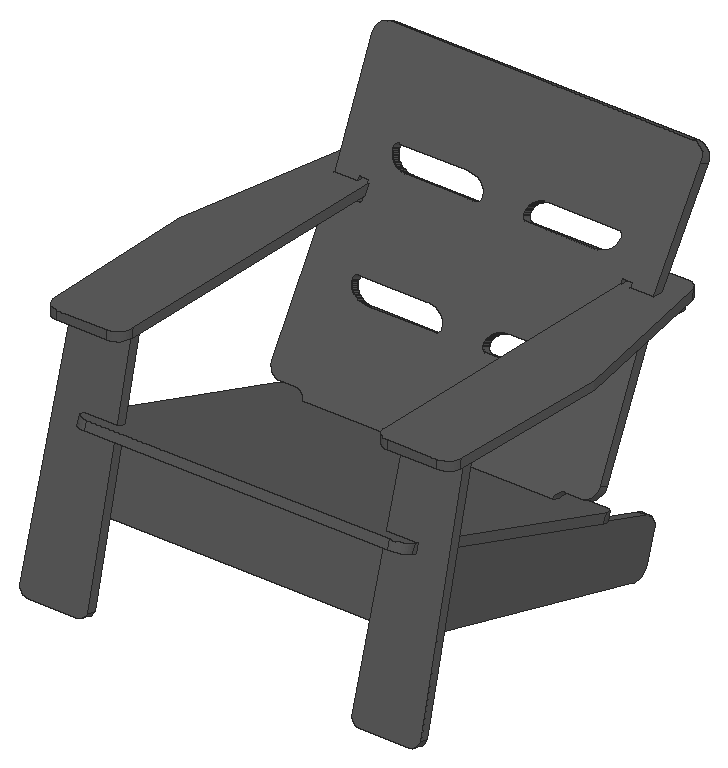
Revit family "Lollygagger Cabrio", category Furniture, Revit 2016 (continued)
Lines and regions (in)
  symbolic lines, style "Furniture", detail levels medium+fine
    curve 29: line (7.92498, 7.70387, 0) -> (7.80747, 7.70387, 0)
Dimensions and locks (in)
  "Height Top": plane 4 to level
  "Thick": plane 4 to plane 5
  "Width": plane 6 to plane 7
  equal spacing: plane 7, plane 1 "Center Front/Back", plane 6
  "Apron": plane 8 to plane 5
  plane 7 to plane 12 = 0' - 3.02222"
  plane 11 to plane 6 = 0' - 3.02246"
  equal spacing: plane 9, plane 3 "Center Left/Right", plane 10
  locked: plane 13 to plane 14 at 0.625
  locked: plane 10 to plane 13 at 3.375
  locked: plane 15 to plane 9 at 3.375
  locked: plane 15 to plane 16 at 0.625
  "Length": plane 9 to plane 10
  locked: plane 9 to plane 17 at 5.61081
  plane 18 to plane 10 = 0' - 5.61081"
  aligned and locked: level to plane 2
  aligned and locked: Masking region 2 to plane 5
  aligned and locked: plane 9 to Masking region 1
  aligned and locked: plane 4 to Masking region 1 sketch curve
  aligned and locked: Masking region 1 sketch curve to plane 5
  aligned and locked: plane 10 to Masking region 1 sketch curve
  aligned and locked: plane 22 to Masking region 3 sketch curve  (x2)
  aligned and locked: plane 4 to Masking region 3 sketch curve
  aligned and locked: Masking region 4 sketch curve to plane 17
  aligned and locked: Masking region 3 to plane 21
  aligned and locked: plane 5 to Masking region 3 sketch curve
  aligned and locked: plane 21 to Masking region 3 sketch curve
  aligned and locked: Masking region 3 to Masking region 5 sketch curve
  aligned and locked: Extrusion 1 to Masking region 7
  aligned and locked: Masking region 7 to plane 18
  aligned and locked: Masking region 7 sketch curve to Extrusion 3
  aligned and locked: Masking region 6 to plane 9
  aligned and locked: plane 17 to Masking region 6
  aligned and locked: Masking region 6 to plane 18
  aligned and locked: plane 10 to Masking region 6
  aligned and locked: plane 6 to Masking region 7
Automatic sketch dimensions
  Extrusion 12 sketch curve to Extrusion 12 sketch curve = 0' - 1"
  Extrusion 12 sketch curve to Extrusion 12 sketch curve = 0' - 0 1/4"
  Extrusion 12 sketch curve to Extrusion 12 sketch curve = 0' - 0"  (x3)
  Extrusion 12 sketch curve to Extrusion 12 sketch curve = 0' - 0 3/4"
  Extrusion 12 sketch curve to Extrusion 12 sketch curve = 0' - 0.095"
  Extrusion 9 sketch curve to Extrusion 9 sketch curve = 0' - 0"  (x3)
  Extrusion 9 sketch curve to plane 16 = 0' - 0 1/2"
  Extrusion 9 sketch curve to plane 12 = 0' - 1.95913"
  plane 15 to Extrusion 9 sketch curve = 0' - 0 5/8"
  Extrusion 9 sketch curve to Extrusion 9 sketch curve = 0' - 1.44968"
  Extrusion 9 sketch curve to plane 15 = 0' - 0 1/8"
  Extrusion 9 sketch curve to Extrusion 9 sketch curve = 0' - 0 1/4"  (x2)
  Extrusion 9 sketch curve to Extrusion 9 sketch curve = 0' - 0.155"
  Extrusion 12 sketch curve to plane 12 = 0' - 1.95913"
  plane 13 to Extrusion 12 sketch curve = 0' - 0 5/8"
  Extrusion 12 sketch curve to Extrusion 12 sketch curve = 0' - 1.44968"
  Extrusion 12 sketch curve to Extrusion 12 sketch curve = 0' - 1.69968"
  Extrusion 13 sketch curve to plane 14 = 0' - 0"
  Extrusion 13 sketch curve to plane 16 = 0' - 0"
  Extrusion 13 sketch curve to Extrusion 13 sketch curve = 0' - 3 1/2"
  Extrusion 16 sketch curve to Extrusion 16 sketch curve = 0' - 0"  (x2)
  Extrusion 16 sketch curve to plane 3 "Center Left/Right" = 0' - 0"  (x2)
  Extrusion 16 sketch curve to plane 3 "Center Left/Right" = 0' - 1"
  Extrusion 16 sketch curve to Extrusion 16 sketch curve = 0' - 0 3/8"
  Extrusion 16 sketch curve to Extrusion 16 sketch curve = 0' - 0.62895"
  Extrusion 16 sketch curve to plane 3 "Center Left/Right" = 0' - 0.155"
  plane 17 to curve 20 = 0' - 1.58921"
  curve 14 to plane 11 = 0' - 0.49655"
  plane 17 to curve 14 = 0' - 1.58921"
  curve 7 to curve 18 = 0' - 1.175"
  curve 4 to curve 2 = 0' - 1.175"
  curve 19 to plane 3 "Center Left/Right" = 0' - 3"
  curve 3 to plane 11 = 0' - 0.49655"
  curve 3 to plane 3 "Center Left/Right" = 0' - 3"
  curve 6 to curve 5 = 0' - 1.175"
  curve 3 to curve 16 = 0' - 1.175"
  plane 3 "Center Left/Right" to curve 9 = 0' - 1.82498"
  plane 3 "Center Left/Right" to curve 24 = 0' - 1.82498"
  curve 9 to plane 11 = 0' - 0.49655"
  curve 8 to curve 9 = 0' - 1.175"
  curve 11 to curve 25 = 0' - 1.175"
  curve 11 to plane 18 = 0' - 2.76421"
  curve 10 to plane 11 = 0' - 1.20076"
  curve 10 to plane 18 = 0' - 2.76421"
  curve 10 to plane 11 = 0' - 0.49655"
  curve 8 to curve 10 = 0' - 1.175"
  curve 11 to curve 13 = 0' - 1.175"
  curve 15 to plane 11 = 0' - 1.20076"
  curve 27 to curve 2 = 0' - 2.96354"
  curve 25 to curve 8 = 0' - 2.96354"
  curve 26 to curve 8 = 0' - 2.96354"
  curve 19 to curve 2 = 0' - 2.96354"
  curve 25 to curve 12 = 0' - 0.70421"
  curve 18 to curve 6 = 0' - 0.70421"
  curve 4 to curve 14 = 0' - 0.11751"
  curve 7 to curve 27 = 0' - 0.11751"
  curve 28 to curve 10 = 0' - 0.11751"
  curve 29 to curve 13 = 0' - 0.11751"
  curve 1 to plane 21 = 0' - 0"
  curve 1 to plane 22 = 0' - 0"
  plane 8 to curve 1 = 0' - 0.75265"
  plane 8 to curve 1 = 0' - 0.45923"
  Masking region 1 sketch curve to plane 4 = 0' - 0"
  Masking region 1 sketch curve to plane 9 = 0' - 0"
  Masking region 1 sketch curve to plane 5 = 0' - 0"
  plane 17 to Masking region 1 sketch curve = 0' - 0.32388"
  Masking region 1 sketch curve to plane 18 = 0' - 1 1/2"
  Masking region 2 sketch curve to plane 4 = 0' - 0"
  Masking region 2 sketch curve to plane 5 = 0' - 0"
  Masking region 2 sketch curve to plane 20 = 0' - 0"  (x2)
  plane 12 to Masking region 2 sketch curve = 0' - 0.97055"
  Masking region 2 sketch curve to Masking region 2 sketch curve = 0' - 0.3334"
  plane 12 to Masking region 2 sketch curve = 0' - 0.44321"
  Masking region 2 sketch curve to plane 12 = 0' - 1.86968"
  Masking region 2 sketch curve to plane 5 = 0' - 0.6243"
  Masking region 2 sketch curve to plane 12 = 0' - 1.98135"
  Masking region 2 sketch curve to Masking region 2 sketch curve = 0' - 1.55291"
  Masking region 2 sketch curve to plane 8 = 0' - 2.09357"
  plane 1 "Center Front/Back" to Masking region 2 sketch curve = 0' - 5.63387"
  plane 1 "Center Front/Back" to Masking region 2 sketch curve = 0' - 2.17732"
  Masking region 2 sketch curve to plane 1 "Center Front/Back" = 0' - 1.16673"
  level to Masking region 2 sketch curve = 0' - 0.10442"
  Masking region 2 sketch curve to plane 11 = 0' - 3.99082"
  Masking region 2 sketch curve to Masking region 2 sketch curve = 0' - 0.29237"
  Masking region 2 sketch curve to Masking region 2 sketch curve = 0' - 0.62325"
  Masking region 2 sketch curve to plane 8 = 0' - 2.07403"
  level to Masking region 2 sketch curve = 0' - 0.76002"
  Masking region 2 sketch curve to Masking region 2 sketch curve = 0' - 0.95372"  (x2)
  plane 11 to Masking region 2 sketch curve = 0' - 0.82021"
  level to Masking region 2 sketch curve = 0' - 2.23888"
  Masking region 2 sketch curve to Masking region 2 sketch curve = 0' - 1.25176"
  Masking region 2 sketch curve to plane 8 = 0' - 2.97051"
  Masking region 2 sketch curve to plane 8 = 0' - 0.76152"
  Masking region 3 sketch curve to level = 0' - 0"
  Masking region 3 sketch curve to plane 19 = 0' - 0"  (x2)
  Masking region 3 sketch curve to plane 21 = 0' - 0"
  Masking region 3 sketch curve to plane 12 = 0' - 2.14863"
  Masking region 3 sketch curve to Masking region 3 sketch curve = 0' - 0.64705"
  plane 7 to Masking region 3 sketch curve = 0' - 0.60733"
  Masking region 3 sketch curve to plane 5 = 0' - 0.6243"
  Masking region 3 sketch curve to plane 6 = 0' - 0.55547"
  Masking region 4 sketch curve to plane 18 = 0' - 0"
  Masking region 4 sketch curve to plane 17 = 0' - 0.1509"
  plane 12 to Masking region 4 sketch curve = 0' - 0.44321"  (x2)
  Masking region 4 sketch curve to plane 17 = 0' - 0.61156"
  Masking region 4 sketch curve to plane 16 = 0' - 0.18194"
  Masking region 4 sketch curve to plane 16 = 0' - 0.09498"
  Masking region 4 sketch curve to plane 16 = 0' - 0.05708"
  plane 15 to Masking region 4 sketch curve = 0' - 0.25353"
  plane 17 to Masking region 4 sketch curve = 0' - 0.01279"
  plane 17 to Masking region 4 sketch curve = 0' - 0.14199"
  plane 17 to Masking region 4 sketch curve = 0' - 0.36355"
  Masking region 4 sketch curve to Masking region 4 sketch curve = 0' - 0.35658"
  Masking region 4 sketch curve to Masking region 4 sketch curve = 0' - 0.09612"
  Masking region 4 sketch curve to Masking region 4 sketch curve = 0' - 0.03776"  (x2)
  Masking region 4 sketch curve to Masking region 4 sketch curve = 0' - 0.1346"
  Masking region 4 sketch curve to Masking region 4 sketch curve = 0' - 0.11612"  (x2)
  Masking region 4 sketch curve to Masking region 4 sketch curve = 0' - 0.0266"  (x2)
  plane 12 to Masking region 4 sketch curve = 0' - 1.14581"
  Masking region 4 sketch curve to plane 3 "Center Left/Right" = 0' - 3.62721"
  plane 3 "Center Left/Right" to Masking region 4 sketch curve = 0' - 3.62721"
  Masking region 4 sketch curve to plane 18 = 0' - 0.75589"
  Masking region 4 sketch curve to Masking region 4 sketch curve = 0' - 0.00732"
  Masking region 4 sketch curve to Masking region 4 sketch curve = 0' - 0.23072"
  Masking region 4 sketch curve to plane 18 = 0' - 0.36355"
  Masking region 4 sketch curve to plane 18 = 0' - 0.14199"
  Masking region 4 sketch curve to plane 18 = 0' - 0.01279"
  plane 18 to Masking region 4 sketch curve = 0' - 0.1509"
  plane 18 to Masking region 4 sketch curve = 0' - 0.61156"
  Masking region 4 sketch curve to plane 14 = 0' - 0.18194"
  Masking region 4 sketch curve to plane 14 = 0' - 0.09498"
  Masking region 4 sketch curve to plane 14 = 0' - 0.05708"
  plane 13 to Masking region 4 sketch curve = 0' - 0.25353"
  Masking region 4 sketch curve to Masking region 4 sketch curve = 0' - 0.96392"  (x2)
  Masking region 4 sketch curve to Masking region 4 sketch curve = 0' - 0.00243"  (x2)
  Masking region 4 sketch curve to Masking region 4 sketch curve = 0' - 0.97605"  (x2)
  plane 1 "Center Front/Back" to Masking region 4 sketch curve = 0' - 3.04445"  (x2)
  Masking region 4 sketch curve to plane 1 "Center Front/Back" = 0' - 3.22725"  (x2)
  Masking region 4 sketch curve to Masking region 4 sketch curve = 0' - 0.4379"
  Masking region 4 sketch curve to Masking region 4 sketch curve = 0' - 0.02683"  (x2)
  Masking region 4 sketch curve to Masking region 4 sketch curve = 0' - 0.02359"  (x2)
  Masking region 4 sketch curve to Masking region 4 sketch curve = 0' - 0.0823"  (x2)
  Masking region 4 sketch curve to Masking region 4 sketch curve = 0' - 0.17382"  (x2)
  Masking region 4 sketch curve to Masking region 4 sketch curve = 0' - 0.22104"  (x2)
  Masking region 4 sketch curve to Masking region 4 sketch curve = 0' - 0.13983"  (x2)
  Masking region 4 sketch curve to Masking region 4 sketch curve = 0' - 0.26217"  (x2)
  Masking region 5 sketch curve to plane 20 = 0' - 0"  (x4)
  Masking region 5 sketch curve to plane 19 = 0' - 0"  (x2)
  Masking region 5 sketch curve to plane 5 = 0' - 0"  (x2)
  Masking region 5 sketch curve to plane 12 = 0' - 2.03167"
  Masking region 5 sketch curve to plane 5 = 0' - 0.6243"  (x2)
  Masking region 5 sketch curve to Masking region 5 sketch curve = 0' - 0.16198"
  Masking region 5 sketch curve to plane 12 = 0' - 0.0079"
  plane 12 to Masking region 5 sketch curve = 0' - 0.15409"
  plane 12 to Masking region 5 sketch curve = 0' - 1.21643"
  Masking region 5 sketch curve to Masking region 5 sketch curve = 0' - 2.51019"
  Masking region 5 sketch curve to plane 8 = 0' - 1.02138"
  Masking region 5 sketch curve to plane 11 = 0' - 2.85252"
  plane 11 to Masking region 5 sketch curve = 0' - 0.19551"
  plane 18 to Extrusion 1 sketch curve = 0' - 0.77897"
  Extrusion 1 sketch curve to Extrusion 1 sketch curve = 0' - 0.77749"
  Extrusion 1 sketch curve to Extrusion 1 sketch curve = 0' - 0.88224"
  Extrusion 1 sketch curve to Extrusion 1 sketch curve = 0' - 11.55933"
  Extrusion 1 sketch curve to Extrusion 1 sketch curve = 0' - 11.45458"
  plane 18 to Extrusion 1 sketch curve = 0' - 0.29671"
  Extrusion 1 sketch curve to Extrusion 1 sketch curve = 1' - 4.98479"
  Extrusion 1 sketch curve to plane 9 = 13' - 7.15827"
  Extrusion 1 sketch curve to plane 10 = 0' - 1.4072"
  Extrusion 1 sketch curve to plane 10 = 0' - 0.93591"
  plane 10 to Extrusion 1 sketch curve = 15' - 7.15827"
  Extrusion 2 sketch curve to plane 1 "Center Front/Back" = 0' - 0.18838"
  Extrusion 2 sketch curve to plane 9 = 10' - 11 9/16"
  plane 1 "Center Front/Back" to Extrusion 2 sketch curve = 0' - 4.29022"
  Extrusion 2 sketch curve to plane 9 = 2' - 2.34884"
  plane 18 to Extrusion 2 sketch curve = 0' - 0.33737"
  Extrusion 2 sketch curve to plane 11 = 0' - 0.17979"  (x2)
  plane 18 to Extrusion 2 sketch curve = 0' - 0.62723"  (x2)
  Extrusion 2 sketch curve to plane 13 = 0' - 0.21437"
  plane 13 to Extrusion 2 sketch curve = 0' - 0.08551"
  Extrusion 2 sketch curve to plane 12 = 0' - 0.55679"  (x2)
  Extrusion 2 sketch curve to plane 10 = 0' - 1.39104"
  plane 12 to Extrusion 2 sketch curve = 0' - 0.44321"
  Extrusion 2 sketch curve to Extrusion 2 sketch curve = 0' - 1.75234"
  Extrusion 2 sketch curve to Extrusion 2 sketch curve = 0' - 0.78067"
  plane 11 to Extrusion 2 sketch curve = 0' - 0.82021"
  Extrusion 2 sketch curve to Extrusion 2 sketch curve = 0' - 0"  (x2)
  Extrusion 3 sketch curve to plane 1 "Center Front/Back" = 0' - 0.18838"
  plane 10 to Extrusion 3 sketch curve = 10' - 11 9/16"
  plane 1 "Center Front/Back" to Extrusion 3 sketch curve = 0' - 4.29022"
  plane 10 to Extrusion 3 sketch curve = 2' - 2.34884"
  Extrusion 3 sketch curve to plane 17 = 0' - 0.33737"
  Extrusion 3 sketch curve to plane 11 = 0' - 0.17979"  (x2)
  Extrusion 3 sketch curve to plane 17 = 0' - 0.62723"  (x2)
  Extrusion 3 sketch curve to plane 15 = 0' - 0.21437"
  plane 15 to Extrusion 3 sketch curve = 0' - 0.08551"
  Extrusion 3 sketch curve to plane 12 = 0' - 0.55679"  (x2)
  plane 9 to Extrusion 3 sketch curve = 0' - 1.39104"
  plane 11 to Extrusion 3 sketch curve = 0' - 0.82021"
  Extrusion 3 sketch curve to Extrusion 3 sketch curve = 0' - 0.97166"
  Extrusion 3 sketch curve to Extrusion 3 sketch curve = 0' - 0.78067"
  plane 12 to Extrusion 3 sketch curve = 0' - 0.44321"
  Extrusion 3 sketch curve to Extrusion 3 sketch curve = 0' - 0"  (x2)
  Extrusion 4 sketch curve to plane 17 = 0' - 0.77897"
  Extrusion 4 sketch curve to Extrusion 4 sketch curve = 0' - 0.77749"
  Extrusion 4 sketch curve to Extrusion 4 sketch curve = 0' - 0.88224"
  Extrusion 4 sketch curve to Extrusion 4 sketch curve = 0' - 11.55933"
  Extrusion 4 sketch curve to Extrusion 4 sketch curve = 0' - 11.45458"
  Extrusion 4 sketch curve to plane 17 = 0' - 0.29671"
  Extrusion 4 sketch curve to Extrusion 4 sketch curve = 1' - 4.98479"
  plane 9 to Extrusion 4 sketch curve = 0' - 1.4072"
  plane 9 to Extrusion 4 sketch curve = 0' - 0.93591"
  Extrusion 4 sketch curve to plane 9 = 15' - 7.15827"
  plane 10 to Extrusion 4 sketch curve = 13' - 7.15827"
  Extrusion 5 sketch curve to Extrusion 5 sketch curve = 0' - 0"  (x7)
  Extrusion 5 sketch curve to plane 18 = 0' - 0.76419"
  Extrusion 5 sketch curve to Extrusion 5 sketch curve = 0' - 0 1/4"  (x2)
  Extrusion 5 sketch curve to Extrusion 5 sketch curve = 0' - 0 5/8"  (x2)
  Extrusion 5 sketch curve to plane 17 = 0' - 0.23581"
  Extrusion 5 sketch curve to Extrusion 5 sketch curve = 0' - 3"  (x2)
  plane 18 to Extrusion 5 sketch curve = 0' - 0.23581"
  Extrusion 5 sketch curve to plane 16 = 0' - 0.26501"
  Extrusion 5 sketch curve to Extrusion 5 sketch curve = 0' - 0 3/4"
  Extrusion 5 sketch curve to plane 14 = 0' - 0.26501"
  Extrusion 5 sketch curve to Extrusion 5 sketch curve = 0' - 1"  (x3)
  Extrusion 5 sketch curve to plane 3 "Center Left/Right" = 0' - 2.99992"  (x2)
  Extrusion 5 sketch curve to Extrusion 5 sketch curve = 0' - 6.00126"
  Extrusion 5 sketch curve to Extrusion 5 sketch curve = 0' - 0.01821"  (x8)
  Extrusion 5 sketch curve to Extrusion 5 sketch curve = 0' - 0.02797"  (x8)
  Extrusion 5 sketch curve to Extrusion 5 sketch curve = 0' - 0.04159"  (x8)
  Extrusion 5 sketch curve to Extrusion 5 sketch curve = 0' - 0.05553"  (x8)
  Extrusion 5 sketch curve to Extrusion 5 sketch curve = 0' - 0.06665"  (x8)
  Extrusion 5 sketch curve to Extrusion 5 sketch curve = 0' - 0.07448"  (x8)
  Extrusion 5 sketch curve to Extrusion 5 sketch curve = 0' - 0.07755"  (x8)
  Extrusion 5 sketch curve to Extrusion 5 sketch curve = 0' - 0.08518"  (x8)
  Extrusion 5 sketch curve to Extrusion 5 sketch curve = 0' - 0.45255"  (x2)
  plane 17 to Extrusion 5 sketch curve = 0' - 2.76415"
  Extrusion 5 sketch curve to Extrusion 5 sketch curve = 0' - 0.07473"  (x8)
  Extrusion 5 sketch curve to Extrusion 5 sketch curve = 0' - 0.07366"  (x8)
  Extrusion 5 sketch curve to Extrusion 5 sketch curve = 0' - 0.07289"  (x8)
  Extrusion 5 sketch curve to Extrusion 5 sketch curve = 0' - 0.0669"  (x8)
  Extrusion 5 sketch curve to Extrusion 5 sketch curve = 0' - 0.05075"  (x8)
  Extrusion 5 sketch curve to Extrusion 5 sketch curve = 0' - 0.03092"  (x8)
  Extrusion 5 sketch curve to Extrusion 5 sketch curve = 0' - 0.325"  (x6)
  Extrusion 5 sketch curve to Extrusion 5 sketch curve = 0' - 0.02786"  (x8)
  Extrusion 5 sketch curve to Extrusion 5 sketch curve = 0' - 0.02071"  (x8)
  Extrusion 5 sketch curve to Extrusion 5 sketch curve = 0' - 0.00593"  (x8)
  Extrusion 5 sketch curve to Extrusion 5 sketch curve = 0' - 0.00204"  (x8)
  Extrusion 5 sketch curve to Extrusion 5 sketch curve = 0' - 0.05"  (x8)
  plane 17 to Extrusion 5 sketch curve = 0' - 1.26421"  (x2)
  Extrusion 5 sketch curve to Extrusion 5 sketch curve = 0' - 1 1/8"  (x4)
  Extrusion 5 sketch curve to plane 18 = 0' - 1.26419"  (x2)
  Extrusion 5 sketch curve to Extrusion 5 sketch curve = 0' - 0.00017"  (x4)
  Extrusion 5 sketch curve to Extrusion 5 sketch curve = 0' - 1.15385"  (x2)
  Extrusion 5 sketch curve to Extrusion 5 sketch curve = 0' - 9.36804"  (x2)
  Extrusion 5 sketch curve to Extrusion 5 sketch curve = 0' - 0.00696"  (x2)
  plane 14 to Extrusion 5 sketch curve = 0' - 0.25174"
  Extrusion 5 sketch curve to Extrusion 5 sketch curve = 0' - 3.72833"  (x2)
  plane 16 to Extrusion 5 sketch curve = 0' - 0.25174"
  Extrusion 5 sketch curve to Extrusion 5 sketch curve = 0' - 0 1/8"  (x2)
  Extrusion 5 sketch curve to plane 15 = 0' - 0.2404"
  Extrusion 5 sketch curve to Extrusion 5 sketch curve = 0' - 0.79736"  (x2)
  plane 18 to Extrusion 5 sketch curve = 0' - 0.35299"
  Extrusion 5 sketch curve to Extrusion 5 sketch curve = 0' - 0.61411"  (x2)
  plane 17 to Extrusion 5 sketch curve = 0' - 0.32388"
  Extrusion 5 sketch curve to Extrusion 5 sketch curve = 0' - 5.81377"  (x2)
  Extrusion 5 sketch curve to Extrusion 5 sketch curve = 0' - 0.05156"  (x2)
  Extrusion 5 sketch curve to plane 16 = 0' - 0.21532"
  Extrusion 5 sketch curve to Extrusion 5 sketch curve = 0' - 5 5/16"  (x2)
  Extrusion 5 sketch curve to plane 14 = 0' - 0.21532"
  Extrusion 5 sketch curve to plane 9 = 9' - 9.51528"
  Extrusion 5 sketch curve to Extrusion 5 sketch curve = 0' - 0.10972"  (x2)
  Extrusion 5 sketch curve to plane 17 = 0' - 0.35299"
  Extrusion 5 sketch curve to Extrusion 5 sketch curve = 0' - 0.52123"  (x6)
  Extrusion 5 sketch curve to Extrusion 5 sketch curve = 0' - 0.01695"  (x8)
  Extrusion 5 sketch curve to Extrusion 5 sketch curve = 0' - 0.02298"  (x8)
  Extrusion 5 sketch curve to Extrusion 5 sketch curve = 0' - 0.05559"  (x8)
  Extrusion 5 sketch curve to Extrusion 5 sketch curve = 0' - 0.05566"  (x8)
  Extrusion 5 sketch curve to Extrusion 5 sketch curve = 0' - 0.04853"  (x8)
  Extrusion 5 sketch curve to Extrusion 5 sketch curve = 0' - 0.06373"  (x8)
  Extrusion 5 sketch curve to Extrusion 5 sketch curve = 0' - 0.07027"  (x8)
  Extrusion 5 sketch curve to Extrusion 5 sketch curve = 0' - 0.06429"  (x8)
  Extrusion 5 sketch curve to Extrusion 5 sketch curve = 0' - 0.05506"  (x8)
  Extrusion 5 sketch curve to Extrusion 5 sketch curve = 0' - 0.04716"  (x8)
  Extrusion 5 sketch curve to Extrusion 5 sketch curve = 0' - 0.04572"  (x8)
  Extrusion 5 sketch curve to Extrusion 5 sketch curve = 0' - 0.03488"  (x8)
  Extrusion 5 sketch curve to Extrusion 5 sketch curve = 0' - 0.02779"  (x8)
  Extrusion 5 sketch curve to Extrusion 5 sketch curve = 0' - 0.02019"  (x8)
  Extrusion 5 sketch curve to Extrusion 5 sketch curve = 0' - 0.01318"  (x8)
  Extrusion 5 sketch curve to Extrusion 5 sketch curve = 0' - 0.00736"  (x8)
  Extrusion 5 sketch curve to Extrusion 5 sketch curve = 0' - 0.00326"  (x7)
  Extrusion 5 sketch curve to Extrusion 5 sketch curve = 0' - 0.00109"  (x8)
  Extrusion 5 sketch curve to Extrusion 5 sketch curve = 0' - 3 3/4"  (x2)
  plane 3 "Center Left/Right" to Extrusion 5 sketch curve = 0' - 1 1/2"  (x2)
  Extrusion 5 sketch curve to Extrusion 5 sketch curve = 0' - 1.17494"  (x2)
  Extrusion 5 sketch curve to plane 18 = 0' - 0.32388"
  Extrusion 5 sketch curve to plane 13 = 0' - 0.2404"
  plane 10 to Extrusion 5 sketch curve = 9' - 9.51528"
  Extrusion 5 sketch curve to Extrusion 5 sketch curve = 0' - 0.00324"  (x4)
  Extrusion 5 sketch curve to Extrusion 5 sketch curve = 0' - 0.00973"  (x4)
  Extrusion 5 sketch curve to Extrusion 5 sketch curve = 0' - 0.01624"  (x8)
  Extrusion 5 sketch curve to Extrusion 5 sketch curve = 0' - 0.02278"  (x8)
  Extrusion 5 sketch curve to Extrusion 5 sketch curve = 0' - 0.02935"  (x8)
  Extrusion 5 sketch curve to Extrusion 5 sketch curve = 0' - 0.03594"  (x8)
  Extrusion 5 sketch curve to Extrusion 5 sketch curve = 0' - 0.04254"  (x8)
  Extrusion 5 sketch curve to Extrusion 5 sketch curve = 0' - 0.04916"  (x8)
  Extrusion 5 sketch curve to Extrusion 5 sketch curve = 0' - 0.05581"  (x8)
  Extrusion 5 sketch curve to Extrusion 5 sketch curve = 0' - 0.0624"  (x8)
  Extrusion 5 sketch curve to Extrusion 5 sketch curve = 0' - 0.06877"  (x8)
  Extrusion 5 sketch curve to Extrusion 5 sketch curve = 0' - 0.0749"  (x8)
  Extrusion 5 sketch curve to Extrusion 5 sketch curve = 0' - 0.10173"  (x4)
  Extrusion 5 sketch curve to Extrusion 5 sketch curve = 0' - 0.0808"  (x8)
  Extrusion 5 sketch curve to Extrusion 5 sketch curve = 0' - 0.10061"  (x4)
  Extrusion 5 sketch curve to Extrusion 5 sketch curve = 0' - 0.08634"  (x8)
  Extrusion 5 sketch curve to Extrusion 5 sketch curve = 0' - 0.09837"  (x8)
  Extrusion 5 sketch curve to Extrusion 5 sketch curve = 0' - 0.09115"  (x8)
  Extrusion 5 sketch curve to Extrusion 5 sketch curve = 0' - 0.09515"  (x8)
  Extrusion 5 sketch curve to Extrusion 5 sketch curve = 0' - 0.155"  (x2)
  Extrusion 6 sketch curve to plane 3 "Center Left/Right" = 0' - 0"  (x2)
  plane 18 to Extrusion 6 sketch curve = 0' - 0.34698"
  Extrusion 6 sketch curve to Extrusion 6 sketch curve = 0' - 0.26"  (x4)
  Extrusion 6 sketch curve to plane 14 = 0' - 0.165"
  Extrusion 6 sketch curve to plane 14 = 0' - 0 1/8"  (x2)
  Extrusion 6 sketch curve to plane 14 = 0' - 0.04"
  plane 14 to Extrusion 6 sketch curve = 0' - 0.22"
  plane 13 to Extrusion 6 sketch curve = 0' - 0 1/8"
  plane 13 to Extrusion 6 sketch curve = 0' - 0 1/4"  (x2)
  Extrusion 6 sketch curve to plane 17 = 0' - 0.34698"
  Extrusion 6 sketch curve to plane 16 = 0' - 0.165"
  Extrusion 6 sketch curve to plane 16 = 0' - 0 1/8"  (x2)
  Extrusion 6 sketch curve to plane 16 = 0' - 0.04"
  plane 16 to Extrusion 6 sketch curve = 0' - 0.22"
  plane 15 to Extrusion 6 sketch curve = 0' - 0 1/8"
  plane 15 to Extrusion 6 sketch curve = 0' - 0 1/4"  (x2)
  Extrusion 6 sketch curve to Extrusion 6 sketch curve = 16' - 0.87408"
  Extrusion 6 sketch curve to Extrusion 6 sketch curve = 0' - 0.99838"
  Extrusion 6 sketch curve to Extrusion 6 sketch curve = 0' - 0.28211"  (x2)
  Extrusion 6 sketch curve to Extrusion 6 sketch curve = 0' - 0.15229"  (x2)
  Extrusion 6 sketch curve to Extrusion 6 sketch curve = 0' - 1.14"  (x2)
  Extrusion 6 sketch curve to Extrusion 6 sketch curve = 1' - 3.52244"  (x2)
  Extrusion 6 sketch curve to Extrusion 6 sketch curve = 15' - 11.8757"
  Extrusion 6 sketch curve to Extrusion 6 sketch curve = 0' - 0"  (x2)
  Extrusion 7 sketch curve to Extrusion 7 sketch curve = 0' - 0"  (x5)
  Extrusion 3 to Extrusion 7 sketch curve = 0' - 0.6247"
  Extrusion 3 to Extrusion 7 sketch curve = 0' - 0.29469"
  Extrusion 3 to Extrusion 7 sketch curve = 0' - 0.65946"  (x2)
  Extrusion 7 sketch curve to Extrusion 3 = 0' - 0.28468"
  Extrusion 3 to Extrusion 7 sketch curve = 0' - 0.40938"
  Extrusion 7 sketch curve to Extrusion 3 = 0' - 0.23108"
  Extrusion 3 to Extrusion 7 sketch curve = 0' - 10.05986"  (x2)
  Extrusion 7 sketch curve to Extrusion 7 sketch curve = 13' - 0.14327"
  Extrusion 7 sketch curve to Extrusion 3 = 0' - 0.55235"  (x2)
  Extrusion 3 to Extrusion 7 sketch curve = 13' - 0.54425"
  Extrusion 7 sketch curve to Extrusion 7 sketch curve = 0' - 0.155"
  Extrusion 8 sketch curve to Extrusion 8 sketch curve = 0' - 0"  (x6)
  Extrusion 3 to Extrusion 8 sketch curve = 0' - 0.6247"
  Extrusion 3 to Extrusion 8 sketch curve = 0' - 0.65946"  (x2)
  Extrusion 3 to Extrusion 8 sketch curve = 0' - 0.40938"
  Extrusion 8 sketch curve to Extrusion 3 = 0' - 0.23108"
  Extrusion 3 to Extrusion 8 sketch curve = 0' - 10.05986"  (x2)
  Extrusion 3 to Extrusion 8 sketch curve = 11' - 3.15706"
  Extrusion 3 to Extrusion 8 sketch curve = 1' - 7.9878"
  Extrusion 8 sketch curve to Extrusion 8 sketch curve = 0' - 0.84704"  (x2)
  Extrusion 8 sketch curve to Extrusion 8 sketch curve = 13' - 0.14327"
  Extrusion 8 sketch curve to Extrusion 8 sketch curve = 0' - 0.155"
  Extrusion 10 sketch curve to plane 20 = 0' - 0"  (x2)
  Extrusion 10 sketch curve to plane 7 = 1' - 5.04016"
  Extrusion 10 sketch curve to level = 9' - 5.47521"
  level to Extrusion 10 sketch curve = 0' - 0.76002"
  Extrusion 10 sketch curve to Extrusion 10 sketch curve = 0' - 0.30071"  (x2)
  Extrusion 10 sketch curve to Extrusion 10 sketch curve = 0' - 1.97669"
  Extrusion 10 sketch curve to Extrusion 10 sketch curve = 0' - 0.95106"
  Extrusion 10 sketch curve to plane 8 = 0' - 0.76475"
  Extrusion 10 sketch curve to Extrusion 10 sketch curve = 0' - 0.09256"
  Extrusion 10 sketch curve to plane 12 = 0' - 2.10434"
  Extrusion 10 sketch curve to Extrusion 10 sketch curve = 0' - 0.24727"
  Extrusion 10 sketch curve to plane 12 = 0' - 1.93354"
  Extrusion 10 sketch curve to Extrusion 10 sketch curve = 0' - 0.06729"
  Extrusion 10 sketch curve to plane 5 = 0' - 0.6243"
  Extrusion 10 sketch curve to plane 11 = 0' - 2.74473"
  Extrusion 10 sketch curve to Extrusion 10 sketch curve = 0' - 0.6447"
  Extrusion 10 sketch curve to Extrusion 10 sketch curve = 0' - 0.95372"
  Extrusion 10 sketch curve to plane 12 = 0' - 3.53426"
  Extrusion 10 sketch curve to Extrusion 10 sketch curve = 0' - 1.55291"
  plane 12 to Extrusion 10 sketch curve = 0' - 0.62513"
  Extrusion 11 sketch curve to plane 20 = 0' - 0"  (x2)
  Extrusion 11 sketch curve to plane 7 = 1' - 5.04016"
  Extrusion 11 sketch curve to level = 9' - 5.47521"
  level to Extrusion 11 sketch curve = 0' - 0.76002"
  Extrusion 11 sketch curve to Extrusion 11 sketch curve = 0' - 0.30071"  (x2)
  Extrusion 11 sketch curve to Extrusion 11 sketch curve = 0' - 1.97669"
  Extrusion 11 sketch curve to Extrusion 11 sketch curve = 0' - 0.95106"
  Extrusion 11 sketch curve to plane 8 = 0' - 0.76475"
  Extrusion 11 sketch curve to Extrusion 11 sketch curve = 0' - 0.09256"
  Extrusion 11 sketch curve to plane 12 = 0' - 2.10434"
  Extrusion 11 sketch curve to Extrusion 11 sketch curve = 0' - 0.24727"
  Extrusion 11 sketch curve to plane 12 = 0' - 1.93354"
  Extrusion 11 sketch curve to Extrusion 11 sketch curve = 0' - 0.06729"
  Extrusion 11 sketch curve to plane 5 = 0' - 0.6243"
  Extrusion 11 sketch curve to plane 11 = 0' - 2.74473"
  Extrusion 11 sketch curve to Extrusion 11 sketch curve = 0' - 0.6447"
  Extrusion 11 sketch curve to Extrusion 11 sketch curve = 0' - 0.95372"
  Extrusion 11 sketch curve to plane 12 = 0' - 3.53426"
  Extrusion 11 sketch curve to Extrusion 11 sketch curve = 0' - 1.55291"
  plane 12 to Extrusion 11 sketch curve = 0' - 0.62513"
  Extrusion 14 sketch curve to Extrusion 14 sketch curve = 0' - 0"  (x3)
  Extrusion 14 sketch curve to plane 22 = 0' - 0"
  Extrusion 14 sketch curve to plane 21 = 0' - 0 1/16"
  plane 21 to Extrusion 14 sketch curve = 0' - 0 5/16"
  level to Extrusion 14 sketch curve = 0' - 2.87958"
  Extrusion 14 sketch curve to Extrusion 14 sketch curve = 0' - 1"
  Extrusion 14 sketch curve to Extrusion 14 sketch curve = 0' - 0.155"
  Extrusion 15 sketch curve to Extrusion 15 sketch curve = 0' - 0"  (x3)
  Extrusion 15 sketch curve to plane 22 = 0' - 0"
  Extrusion 15 sketch curve to plane 21 = 0' - 0 1/16"
  plane 21 to Extrusion 15 sketch curve = 0' - 0 5/16"
  level to Extrusion 15 sketch curve = 0' - 2.87958"
  Extrusion 15 sketch curve to Extrusion 15 sketch curve = 0' - 1"
  Extrusion 15 sketch curve to Extrusion 15 sketch curve = 0' - 0.155"
  Extrusion 17 sketch curve to Extrusion 17 sketch curve = 0' - 0"  (x8)
  Extrusion 17 sketch curve to plane 14 = 0' - 0"
  Extrusion 17 sketch curve to plane 16 = 0' - 0"
  Extrusion 17 sketch curve to plane 14 = 0' - 0 1/2"  (x2)
  Extrusion 17 sketch curve to plane 14 = 0' - 0 9/16"
  Extrusion 17 sketch curve to Extrusion 17 sketch curve = 0' - 0 1/4"  (x2)
  Extrusion 17 sketch curve to Extrusion 17 sketch curve = 0' - 0 1/8"  (x2)
  Extrusion 17 sketch curve to plane 18 = 0' - 2.06669"
  Extrusion 17 sketch curve to Extrusion 17 sketch curve = 0' - 0.26"  (x2)
  plane 17 to Extrusion 17 sketch curve = 0' - 2.32669"
  Extrusion 17 sketch curve to plane 17 = 0' - 0.67331"
  Extrusion 17 sketch curve to plane 16 = 0' - 0 1/2"  (x2)
  Extrusion 17 sketch curve to Extrusion 17 sketch curve = 0' - 0 3/4"  (x2)
  Extrusion 17 sketch curve to Extrusion 17 sketch curve = 0' - 2 3/8"  (x2)
  Extrusion 17 sketch curve to Extrusion 17 sketch curve = 0' - 0 5/8"  (x2)
  Extrusion 17 sketch curve to Extrusion 17 sketch curve = 0' - 0.83764"  (x2)
  Extrusion 17 sketch curve to Extrusion 17 sketch curve = 0' - 0.0525"
  Extrusion 17 sketch curve to Extrusion 17 sketch curve = 0' - 0.155"  (x4)
  Masking region 6 sketch curve to plane 9 = 0' - 0"
  Masking region 6 sketch curve to plane 17 = 0' - 0"
  Masking region 6 sketch curve to plane 18 = 0' - 0"
  Masking region 6 sketch curve to plane 10 = 0' - 0"
  plane 9 to Masking region 6 sketch curve = 0' - 0.40131"
  plane 9 to Masking region 6 sketch curve = 0' - 0.42128"
  plane 9 to Masking region 6 sketch curve = 0' - 1.17452"
  plane 12 to Masking region 6 sketch curve = 0' - 0.44321"  (x2)
  Masking region 6 sketch curve to Masking region 6 sketch curve = 0' - 0.98468"
  Masking region 6 sketch curve to plane 11 = 0' - 0.35469"  (x2)
  plane 15 to Masking region 6 sketch curve = 0' - 1.16112"
  plane 11 to Masking region 6 sketch curve = 0' - 0.11172"  (x2)
  Masking region 6 sketch curve to Masking region 6 sketch curve = 0' - 0.12124"  (x2)
  Masking region 6 sketch curve to plane 11 = 0' - 0.07597"  (x2)
  plane 15 to Masking region 6 sketch curve = 0' - 0.22855"
  Masking region 6 sketch curve to Masking region 6 sketch curve = 0' - 0.08378"  (x2)
  Masking region 6 sketch curve to Masking region 6 sketch curve = 0' - 0.04976"  (x2)
  Masking region 6 sketch curve to plane 15 = 0' - 0.00051"
  Masking region 6 sketch curve to plane 15 = 0' - 0.01647"
  Masking region 6 sketch curve to plane 11 = 0' - 0.01236"  (x2)
  Masking region 6 sketch curve to plane 15 = 0' - 0.11512"
  Masking region 6 sketch curve to plane 15 = 0' - 0.21437"
  Masking region 6 sketch curve to plane 17 = 0' - 0.61156"
  Masking region 6 sketch curve to plane 17 = 0' - 0.33737"
  plane 17 to Masking region 6 sketch curve = 0' - 0.30033"
  plane 17 to Masking region 6 sketch curve = 0' - 0.36355"
  Masking region 6 sketch curve to plane 18 = 0' - 0.36355"
  Masking region 6 sketch curve to plane 18 = 0' - 0.30033"
  plane 18 to Masking region 6 sketch curve = 0' - 0.33737"
  plane 18 to Masking region 6 sketch curve = 0' - 0.61156"
  Masking region 6 sketch curve to plane 13 = 0' - 0.21437"
  Masking region 6 sketch curve to plane 13 = 0' - 0.11512"
  Masking region 6 sketch curve to plane 13 = 0' - 0.01647"
  Masking region 6 sketch curve to plane 13 = 0' - 0.00051"
  plane 13 to Masking region 6 sketch curve = 0' - 0.09501"
  Masking region 6 sketch curve to Masking region 6 sketch curve = 0' - 0.81132"
  Masking region 6 sketch curve to plane 10 = 0' - 1.38599"
  Masking region 6 sketch curve to plane 10 = 0' - 1.17452"
  Masking region 6 sketch curve to plane 10 = 0' - 0.42128"
  Masking region 6 sketch curve to plane 10 = 0' - 0.40131"
  Masking region 6 sketch curve to plane 12 = 0' - 0.45908"  (x2)
  Masking region 6 sketch curve to Masking region 6 sketch curve = 0' - 0.97605"  (x2)
  Masking region 6 sketch curve to Masking region 6 sketch curve = 0' - 4.58696"  (x2)
  plane 1 "Center Front/Back" to Masking region 6 sketch curve = 0' - 3.04445"  (x2)
  plane 1 "Center Front/Back" to Masking region 6 sketch curve = 0' - 1.90085"  (x2)
  Masking region 6 sketch curve to plane 1 "Center Front/Back" = 0' - 2.97859"  (x2)
  Masking region 6 sketch curve to plane 1 "Center Front/Back" = 0' - 4.0189"  (x2)
  Masking region 6 sketch curve to Masking region 6 sketch curve = 0' - 4.07964"  (x2)
  Masking region 6 sketch curve to plane 11 = 0' - 1.93212"
  Masking region 6 sketch curve to Masking region 6 sketch curve = 0' - 1.85616"
  Masking region 6 sketch curve to Masking region 6 sketch curve = 0' - 0.2395"  (x2)
  Masking region 6 sketch curve to Masking region 6 sketch curve = 0' - 0.34093"  (x2)
  Masking region 6 sketch curve to plane 11 = 0' - 0.31303"  (x2)
  Masking region 6 sketch curve to Masking region 6 sketch curve = 0' - 0.08404"  (x2)
  Masking region 6 sketch curve to Masking region 6 sketch curve = 0' - 0.04366"  (x2)
  plane 11 to Masking region 6 sketch curve = 0' - 0.82021"  (x2)
  Masking region 6 sketch curve to Masking region 6 sketch curve = 0' - 0.08573"  (x2)
  Masking region 6 sketch curve to Masking region 6 sketch curve = 0' - 0.13521"
  Masking region 6 sketch curve to Masking region 6 sketch curve = 0' - 0.27531"
  plane 15 to Masking region 6 sketch curve = 0' - 0.08674"
  Masking region 6 sketch curve to Masking region 6 sketch curve = 0' - 0.00124"  (x2)
  plane 13 to Masking region 6 sketch curve = 0' - 0.08551"
  Masking region 6 sketch curve to Masking region 6 sketch curve = 0' - 0.45688"
  Masking region 6 sketch curve to Masking region 6 sketch curve = 0' - 0.27525"
  Masking region 7 sketch curve to plane 7 = 0' - 0"  (x2)
  Masking region 7 sketch curve to plane 11 = 0' - 0"  (x2)
  Masking region 7 sketch curve to plane 6 = 0' - 0"
  Masking region 7 sketch curve to plane 17 = 0' - 0"
  Masking region 7 sketch curve to plane 18 = 0' - 0"
  Masking region 7 sketch curve to plane 17 = 0' - 0.14657"
  Masking region 7 sketch curve to plane 17 = 0' - 0.1509"
  Masking region 7 sketch curve to plane 17 = 0' - 0.35299"
  Masking region 7 sketch curve to plane 17 = 0' - 0.6254"
  Masking region 7 sketch curve to plane 16 = 0' - 0.21532"
  Masking region 7 sketch curve to plane 16 = 0' - 0.18194"
  Masking region 7 sketch curve to plane 15 = 0' - 0.23581"
  Masking region 7 sketch curve to plane 15 = 0' - 0.11434"
  plane 15 to Masking region 7 sketch curve = 0' - 0.15953"
  plane 15 to Masking region 7 sketch curve = 0' - 0 1/4"
  plane 9 to Masking region 7 sketch curve = 0' - 1.38599"
  plane 9 to Masking region 7 sketch curve = 0' - 1.26312"
  plane 12 to Masking region 7 sketch curve = 0' - 0 43/128"  (x2)
  Masking region 7 sketch curve to Masking region 7 sketch curve = 0' - 0.44783"  (x2)
  plane 9 to Masking region 7 sketch curve = 0' - 0.65069"
  plane 17 to Masking region 7 sketch curve = 0' - 0.01279"
  plane 17 to Masking region 7 sketch curve = 0' - 0.14199"
  plane 17 to Masking region 7 sketch curve = 0' - 0.26801"
  plane 17 to Masking region 7 sketch curve = 0' - 0.32388"
  Masking region 7 sketch curve to Masking region 7 sketch curve = 0' - 0.35658"
  Masking region 7 sketch curve to Masking region 7 sketch curve = 0' - 0.23072"  (x2)
  Masking region 7 sketch curve to Masking region 7 sketch curve = 0' - 0.01928"
  Masking region 7 sketch curve to Masking region 7 sketch curve = 0' - 0.0266"  (x2)
  Masking region 7 sketch curve to plane 11 = 0' - 0.49655"  (x2)
  plane 17 to Masking region 7 sketch curve = 0' - 1.70672"  (x2)
  Masking region 7 sketch curve to Masking region 7 sketch curve = 0' - 1.05749"  (x8)
  Masking region 7 sketch curve to plane 3 "Center Left/Right" = 0' - 3"  (x2)
  Masking region 7 sketch curve to plane 11 = 0' - 0.64891"  (x2)
  plane 3 "Center Left/Right" to Masking region 7 sketch curve = 0' - 1.9425"  (x2)
  Masking region 7 sketch curve to plane 18 = 0' - 2.76421"  (x2)
  Masking region 7 sketch curve to plane 18 = 0' - 0.75589"
  Masking region 7 sketch curve to Masking region 7 sketch curve = 0' - 0.00732"
  Masking region 7 sketch curve to plane 18 = 0' - 0.32388"
  Masking region 7 sketch curve to Masking region 7 sketch curve = 0' - 0.05587"
  Masking region 7 sketch curve to plane 18 = 0' - 0.14199"
  Masking region 7 sketch curve to plane 18 = 0' - 0.01279"
  plane 18 to Masking region 7 sketch curve = 0' - 0.14657"
  plane 18 to Masking region 7 sketch curve = 0' - 0.1509"
  plane 18 to Masking region 7 sketch curve = 0' - 0.35299"
  plane 18 to Masking region 7 sketch curve = 0' - 0.6254"
  Masking region 7 sketch curve to plane 14 = 0' - 0.21532"
  Masking region 7 sketch curve to plane 14 = 0' - 0.18194"
  Masking region 7 sketch curve to plane 13 = 0' - 0.23581"
  Masking region 7 sketch curve to plane 13 = 0' - 0.11434"
  plane 13 to Masking region 7 sketch curve = 0' - 0.15633"
  plane 13 to Masking region 7 sketch curve = 0' - 0 1/4"
  Masking region 7 sketch curve to plane 12 = 0' - 0.54523"
  Masking region 7 sketch curve to plane 10 = 0' - 1.38599"
  Masking region 7 sketch curve to plane 10 = 0' - 1.26312"
  Masking region 7 sketch curve to plane 10 = 0' - 0.65069"
  plane 7 to Masking region 7 sketch curve = 0' - 0.11765"  (x2)
  plane 7 to Masking region 7 sketch curve = 0' - 0.15131"  (x2)
  Masking region 7 sketch curve to Masking region 7 sketch curve = 0' - 0.56659"  (x2)
  Masking region 7 sketch curve to Masking region 7 sketch curve = 0' - 0.60186"  (x2)
  plane 12 to Masking region 7 sketch curve = 0' - 1.40957"  (x2)
  Masking region 7 sketch curve to Masking region 7 sketch curve = 0' - 0.97464"  (x2)
  Masking region 7 sketch curve to plane 1 "Center Front/Back" = 0' - 3.22725"  (x2)
  Masking region 7 sketch curve to Masking region 7 sketch curve = 0' - 0.4379"
  Masking region 7 sketch curve to Masking region 7 sketch curve = 0' - 0.13272"  (x2)
  Masking region 7 sketch curve to Masking region 7 sketch curve = 0' - 0.22424"  (x2)
  Masking region 7 sketch curve to Masking region 7 sketch curve = 0' - 0.0141"  (x2)
  Masking region 7 sketch curve to Masking region 7 sketch curve = 0' - 0.05809"  (x2)
  Masking region 7 sketch curve to Masking region 7 sketch curve = 0' - 0.13983"  (x2)
  Masking region 7 sketch curve to Masking region 7 sketch curve = 0' - 0.10505"  (x2)
  Masking region 7 sketch curve to Masking region 7 sketch curve = 0' - 3.66775"
  Masking region 7 sketch curve to Masking region 7 sketch curve = 0' - 0"
  Masking region 7 sketch curve to Masking region 7 sketch curve = 0' - 0.15237"  (x2)
  Masking region 7 sketch curve to Masking region 7 sketch curve = 0' - 1.80903"  (x2)
  Masking region 7 sketch curve to plane 11 = 0' - 1.93212"  (x2)
  Masking region 7 sketch curve to Masking region 7 sketch curve = 0' - 0.66264"  (x2)
  Masking region 7 sketch curve to plane 6 = 0' - 1.06497"
  Masking region 7 sketch curve to plane 6 = 0' - 1.04183"
  Masking region 7 sketch curve to plane 6 = 0' - 0.51315"
  Masking region 7 sketch curve to plane 6 = 0' - 0.5115"
  Masking region 7 sketch curve to Masking region 7 sketch curve = 0' - 0.15357"
  Masking region 7 sketch curve to Masking region 7 sketch curve = 0' - 0.92158"  (x2)
  plane 7 to Masking region 7 sketch curve = 0' - 0.19774"  (x2)
  plane 17 to Masking region 7 sketch curve = 0' - 0.10328"
  Masking region 7 sketch curve to Masking region 7 sketch curve = 0' - 0.11612"
  Masking region 7 sketch curve to Masking region 7 sketch curve = 0' - 0.00061"  (x2)
  Masking region 7 sketch curve to Masking region 7 sketch curve = 0' - 0.11551"
  Masking region 7 sketch curve to plane 18 = 0' - 0.10328"
  plane 7 to Masking region 7 sketch curve = 0' - 0.22486"
  Masking region 8 sketch curve to plane 5 = 0' - 0"  (x2)
  Masking region 8 sketch curve to plane 4 = 0' - 0"  (x2)
  plane 9 to Masking region 8 sketch curve = 0' - 0.94656"
  Masking region 8 sketch curve to level = 0' - 0.02655"  (x2)
  plane 9 to Masking region 8 sketch curve = 0' - 1.4072"
  plane 15 to Masking region 8 sketch curve = 0' - 0.15633"
  Masking region 8 sketch curve to plane 15 = 0' - 0.21437"
  Masking region 8 sketch curve to plane 16 = 0' - 0.21532"
  Masking region 8 sketch curve to plane 17 = 0' - 0.77897"
  Masking region 8 sketch curve to plane 17 = 0' - 0.05626"
  Masking region 8 sketch curve to plane 17 = 0' - 0.00297"
  plane 17 to Masking region 8 sketch curve = 0' - 0.06607"
  Masking region 8 sketch curve to Masking region 8 sketch curve = 0' - 0 33/128"
  plane 17 to Masking region 8 sketch curve = 0' - 1.58921"  (x2)
  Masking region 8 sketch curve to Masking region 8 sketch curve = 0' - 1.175"  (x8)
  Masking region 8 sketch curve to plane 3 "Center Left/Right" = 0' - 3"  (x2)
  plane 3 "Center Left/Right" to Masking region 8 sketch curve = 0' - 1.82498"  (x2)
  plane 4 to Masking region 8 sketch curve = 0' - 1.13388"  (x2)
  Masking region 8 sketch curve to plane 18 = 0' - 2.76421"  (x2)
  Masking region 8 sketch curve to plane 18 = 0' - 0.32388"
  Masking region 8 sketch curve to plane 18 = 0' - 0.06607"
  plane 18 to Masking region 8 sketch curve = 0' - 0.00297"
  plane 18 to Masking region 8 sketch curve = 0' - 0.05626"
  plane 18 to Masking region 8 sketch curve = 0' - 0.77897"
  Masking region 8 sketch curve to plane 14 = 0' - 0.21532"
  Masking region 8 sketch curve to plane 13 = 0' - 0.21437"
  plane 13 to Masking region 8 sketch curve = 0' - 0.15633"
  Masking region 8 sketch curve to plane 10 = 0' - 0.94656"
  level to Masking region 8 sketch curve = 0' - 0.42019"  (x2)
  Masking region 8 sketch curve to Masking region 8 sketch curve = 0' - 1.50376"
  Masking region 8 sketch curve to plane 5 = 0' - 5.13915"
  Masking region 8 sketch curve to Masking region 8 sketch curve = 0' - 0"
  Masking region 8 sketch curve to Masking region 8 sketch curve = 0' - 1.031"  (x4)
  Masking region 8 sketch curve to Masking region 8 sketch curve = 0' - 0.41244"  (x2)
  Masking region 8 sketch curve to Masking region 8 sketch curve = 0' - 4.86116"  (x2)
  Masking region 8 sketch curve to Masking region 8 sketch curve = 0' - 1.00587"
  level to Masking region 8 sketch curve = 0' - 0.58835"  (x2)
  Masking region 8 sketch curve to Masking region 8 sketch curve = 0' - 0.76462"
  Masking region 8 sketch curve to plane 5 = 0' - 4.97959"  (x2)
  Masking region 8 sketch curve to plane 9 = 15' - 7.15827"
  level to Masking region 8 sketch curve = 0' - 0.72444"  (x2)
  plane 17 to Masking region 8 sketch curve = 0' - 0.10328"
  Masking region 8 sketch curve to plane 18 = 0' - 0.10328"
  Masking region 8 sketch curve to plane 10 = 0' - 1.01719"
  Masking region 8 sketch curve to plane 10 = 0' - 1.4072"
  Masking region 8 sketch curve to Masking region 8 sketch curve = 0' - 0.77749"
Types (11): name | Finish Material
  Loll-Black | Loll-Black
  Loll-Sunset | Loll-Sunset
  Loll-Chocolate | Loll-Chocolate
  Loll-Sky | Loll-Sky
  Loll-Apple | Loll-Apple
  Loll-Leaf | Loll-Leaf
  Loll-Evergreen | Loll-Evergreen
  Loll-Charcoal | Loll-Charcoal
  Loll-Sand | Loll-Sand
  Loll-Navy Blue | Loll-Navy Blue
  Loll-White | Loll-White
